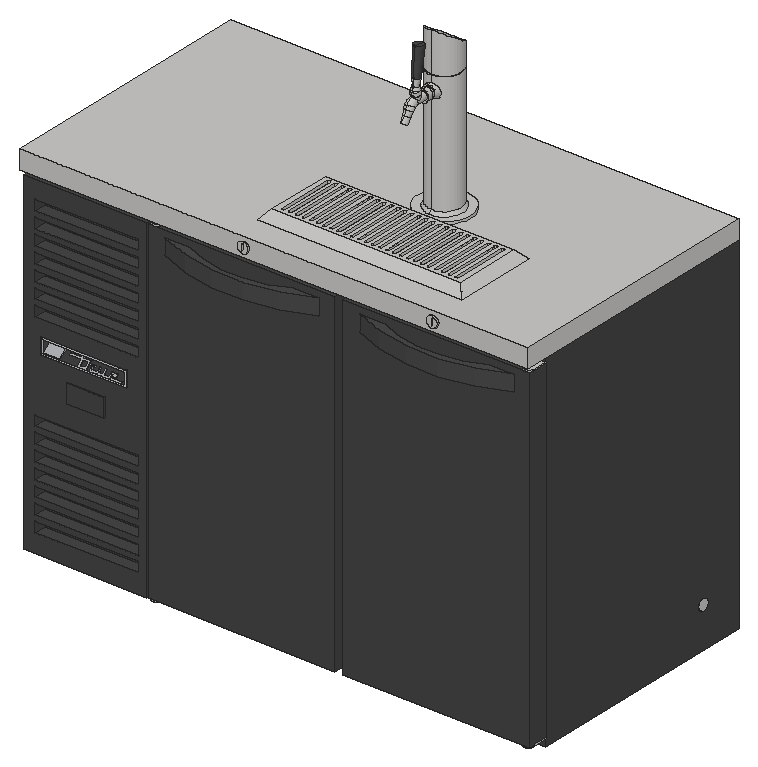
Revit family "QF_TRUE_TDR48-RISZ1-L-B-SS-1", category Specialty Equipment, Revit 2016 (continued)
Definition of nested family "TDR48-RISZ1-L-B-SS-1"
  Definition of nested family "QF_LOGO_TRUE"
    Forms (in)
      Extrusion 5, solid, not visible
        sketch origin (121.45701, -16.5, 4.98235) x (1, 0, 0) y (0, 0, 1)
          loop
            arc (29.12621, 34.76496) -> (29.08961, 34.80242) -> (29.03739, 34.80638) r 0.0742
            arc (29.03739, 34.80638) -> (28.99747, 34.77773) -> (28.9842, 34.73042) r 0.0742
          loop
            line (29.41616, 34.97572) -> (29.28675, 34.49276) -> (29.48645, 34.49276) -> (29.61586, 34.97572) -> (29.41616, 34.97572)
          loop
            line (29.99836, 34.97572) -> (29.95192, 34.80242)
            arc (29.95192, 34.80242) -> (29.94473, 34.85705) -> (29.90102, 34.89059) r 0.07199
            arc (29.90102, 34.89059) -> (29.80023, 34.89941) -> (29.70251, 34.87322) r 0.29131
            arc (29.70251, 34.87322) -> (29.61806, 34.7652) -> (29.5896, 34.63108) r 0.30433
            line (29.5896, 34.63108) -> (29.5896, 34.55572)
            arc (29.5896, 34.55572) -> (29.61075, 34.50463) -> (29.66184, 34.48348) r 0.07224
            line (29.66184, 34.48348) -> (29.78537, 34.48348)
            arc (29.78537, 34.48348) -> (29.83854, 34.51313) -> (29.88504, 34.55243) r 0.31609
            line (29.88504, 34.55243) -> (29.86905, 34.49276) -> (30.05973, 34.49276) -> (30.18914, 34.97572) -> (29.99836, 34.97572)
          loop
            arc (29.84537, 34.75931) -> (29.79424, 34.71128) -> (29.77745, 34.64317) r 0.12371
            arc (29.77745, 34.64317) -> (29.80071, 34.59901) -> (29.85056, 34.59647) r 0.05045
            arc (29.85056, 34.59647) -> (29.90141, 34.64047) -> (29.92536, 34.7033) r 0.13769
            arc (29.92536, 34.7033) -> (29.90211, 34.75521) -> (29.84537, 34.75931) r 0.05543
          loop
            line (26.45047, 35.26762) -> (26.58211, 35.26762)
            arc (26.58211, 35.26762) -> (26.60467, 35.30821) -> (26.62126, 35.35157) r 0.3277
            arc (26.62126, 35.35157) -> (26.62714, 35.39992) -> (26.60877, 35.44503) r 0.09693
            arc (26.60877, 35.44503) -> (26.56454, 35.48868) -> (26.50462, 35.50516) r 0.12312
            arc (26.50462, 35.50516) -> (26.44158, 35.50565) -> (26.37854, 35.50546) r 5.76967
            arc (26.37854, 35.50546) -> (26.07462, 35.42923) -> (25.81045, 35.26076) r 0.97743
            line (25.81045, 35.26076) -> (25.85921, 35.26076)
            arc (25.85921, 35.26076) -> (26.08494, 35.39361) -> (26.3396, 35.45485) r 0.88817
            arc (26.3396, 35.45485) -> (26.41429, 35.44188) -> (26.47267, 35.39352) r 0.14748
            arc (26.47267, 35.39352) -> (26.48041, 35.32725) -> (26.45047, 35.26762) r 0.11636
          loop
            arc (26.35412, 35.17841) -> (26.19578, 35.0555) -> (26.00982, 34.98069) r 0.72453
            arc (26.00982, 34.98069) -> (25.9036, 34.95581) -> (25.79459, 34.9604) r 0.40201
            arc (25.79459, 34.9604) -> (25.7275, 34.98819) -> (25.69972, 35.05528) r 0.09488
            arc (25.69972, 35.05528) -> (25.71867, 35.12629) -> (25.77049, 35.17841) r 0.1425
            line (25.77049, 35.17841) -> (25.73665, 35.18748)
            arc (25.73665, 35.18748) -> (25.67632, 35.09876) -> (25.66924, 34.99171) r 0.20432
            arc (25.66924, 34.99171) -> (25.71443, 34.9227) -> (25.79473, 34.90384) r 0.11116
            arc (25.79473, 34.90384) -> (25.91172, 34.89904) -> (26.02716, 34.91862) r 0.56145
            arc (26.02716, 34.91862) -> (26.27675, 35.021) -> (26.49584, 35.17841) r 1.15683
            line (26.49584, 35.17841) -> (26.35412, 35.17841)
        from 31.54261 to 31.56272
    Dimensions and locks (in)
      aligned and locked: level to plane 2
      aligned and locked: Extrusion 2 to Extrusion 3  (x2)
      aligned and locked: Extrusion 2 sketch curve to Extrusion 3
Definition of nested family "CASTORS & LEGS"
  Parameters (values of type "CASTORS & LEGS")
    Weight = ""
    URL Manufacturer = ""
    URL Cutsheet = ""
    URL = ""
    Type Mark [instance] = ""
    Status [instance] = ""
    Specification by User [instance] = ""
    Specification by Manufacturer = ""
    Show Legs with Flandge [instance] = yes
    Show Legs [instance] = yes
    Show Leg Levelers [instance] = yes
    Show 1 Inch Rollers [instance] = yes
    Show 5 Inches Castors [instance] = yes
    Show 4 Inches Castors [instance] = yes
    Show 3 Inches Castors [instance] = yes
    Show 2 Inches Castors [instance] = yes
    Serial Number = ""
    Seismic Rating = ""
    SMACNA No = ""
    Revision Code [instance] = ""
    Omniclass Number and Title = ""
    NAFEM Spec ID Number = ""
    Model = ""
    MasterSpec. = ""
    Manufacturer = ""
    Item Number [instance] = ""
    Installed By [instance] = ""
    Identify Quantity as Lot [instance] = yes
    Furnished By [instance] = ""
    Foodservice Equipment Identifier [instance] = yes
    Description = ""
    CSI MasterFormat = ""
    CSI Master Format = ""
    Assembly Code = ""
  Reference planes (in)
    plane 1: z = 0
    plane 2 "RIGHT": x = 0
    plane 3 "FRONT": y = 0
    plane 4 "TOP": z = 4
    plane 5: z = 5.75
    plane 6: z = 6
    plane 7: z = 0.875
  Forms (in)
    Revolve 1, solid, visible <- "Show Legs"
      sketch origin (11.12172, 0, 0) x (-1, 0, 0) y (0, 0, -1)
        loop
          line (11.12172, -6) -> (11.12172, 0) -> (10.62172, 0) -> (10.62172, -0.5) -> (10.37172, -0.5) -> (10.37172, -6) -> (11.12172, -6)
        axis (11.12172, 0) -> (11.12172, -6)
      angle from 0 to 360
    Revolve 2, solid, visible <- "Show Legs with Flandge"
      sketch origin (11.12172, 0, 0) x (-1, 0, 0) y (0, 0, -1)
        loop
          line (11.12172, -6) -> (11.12172, 0) -> (9.87172, 0) -> (9.87172, -0.25) -> (10.62172, -0.25) -> (10.62172, -0.5) -> (10.37172, -0.5) -> (10.37172, -6) -> (11.12172, -6)
        axis (11.12172, 0) -> (11.12172, -6)
      angle from 0 to 360
    Extrusion 3, solid, visible <- "Show Leg Levelers"
      sketch origin (0, 0, 0) x (1, 0, 0) y (0, 1, 0)
        loop
          circle (0, 0) r 0.75
      from 0 to 0.25
  Dimensions and locks (in)
    plane 4 "TOP" to level = 4"  (x2)
    locked: Revolve 1 sketch curve to Revolve 1 sketch curve at 0.5
    locked: Revolve 1 sketch curve to Revolve 1 sketch curve at 0.75
    locked: Revolve 2 sketch curve to Revolve 2 sketch curve at 0.75
    plane 5 to level = 5 3/4"
    plane 6 to plane 1 = 6"
    nested 1 to plane 1 = 3 1/8"
    nested 3 to level = 5"
    aligned and locked: level to plane 1
  Nested families (in)
    nested 1: "3 INCHES 01_CASTER" at (0, 0, 0), visible <- "Show 2 Inches Castors", type "3 INCHES 01_CASTER"
      with Type Mark "", Specification by User "", Revision Code "", Item Number "", Installed By "", Identify Quantity as Lot yes, Furnished By "", Foodservice Equipment Identifier yes, 3 Inches Caster yes
    nested 2: "HATCO_4 INCHES_CASTER" at (0, -0.75, 0), Show 4 Inches Caster <- "Show 3 Inches Castors", type "HATCO_4 INCHES_CASTER"
      with Type Mark "", Specification by User "", Show 4 Inches Caster yes, Revision Code "", Item Number "", Installed By "", Identify Quantity as Lot yes, Furnished By "", Foodservice Equipment Identifier yes
    nested 3: "5 INCHES 01_CASTER" at (0, 0, 0), visible <- "Show 4 Inches Castors", type "5 INCHES 01_CASTER"
      with Type Mark "", Specification by User "", Show 5" Casters yes, Revision Code "", Key Locks yes, Item Number "", Installed By "", Identify Quantity as Lot yes, Furnished By "", Foodservice Equipment Identifier yes
    nested 4: "7-8 INCHES_CASTER" at (0, 0, 0), visible <- "Show 1 Inch Rollers", type "7-8 INCHES_CASTER"
      with Type Mark "", Specification by User "", Revision Code "", Item Number "", Installed By "", Identify Quantity as Lot yes, Furnished By "", Foodservice Equipment Identifier yes, 2.5 Inches Caster yes
    nested 5: "6 INCHES 02_CASTER" at (0, 0, 0), visible <- "Show 5 Inches Castors", Show Casters <- "Show 5 Inches Castors", type "6 INCHES 02_CASTER"
      with Type Mark "", Specification by User "", Show Casters yes, Revision Code "", Item Number "", Installed By "", Identify Quantity as Lot yes, Furnished By "", Foodservice Equipment Identifier yes
  Definition of nested family "3 INCHES 01_CASTER"
    Parameters (values of type "3 INCHES 01_CASTER")
      Weight = ""
      URL Manufacturer = ""
      URL Cutsheet = ""
      URL = ""
      Type Mark [instance] = ""
      Specification by User [instance] = ""
      Specification by Manufacturer = ""
      Serial Number = ""
      Seismic Rating = ""
      SMACNA No = ""
      Revision Code [instance] = ""
      Omniclass Number and Title = ""
      NAFEM Spec ID Number = ""
      Model = ""
      MasterSpec. = ""
      Manufacturer = ""
      Item Number [instance] = ""
      Installed By [instance] = ""
      Identify Quantity as Lot [instance] = yes
      Furnished By [instance] = ""
      Foodservice Equipment Identifier [instance] = yes
      Description = ""
      CSI MasterFormat = ""
      CSI Master Format = ""
      Assembly Code = ""
      3 Inches Caster [instance] = yes
    Reference planes (in)
      plane 1: z = 0
      plane 2 "RIGHT": x = 0
      plane 3 "FRONT": y = 0
      plane 4 "TOP": z = 3.125
    Forms (in)
      Revolve 1, solid, visible <- "3 Inches Caster"
        sketch origin (-1.93794, 0.56004, -1.0041) x (1, 0, 0) y (0, 0, 1)
          loop
            line (0.74055, 2.11347) -> (0.74055, 2.03797) -> (0.79055, 1.98797) -> (0.85055, 1.98797) -> (0.85055, 1.8679) -> (1.235, 1.8679) -> (1.235, 1.7068) -> (1.36441, 1.63209) -> (1.4003, 1.41035) -> (1.34375, 1.41035) -> (1.34375, 1.28535) -> (1.375, 1.28535) -> (1.375, 1.0041) -> (2.48438, 1.0041) -> (2.48438, 1.28535) -> (2.51563, 1.28535) -> (2.51563, 1.41035) -> (2.45908, 1.41035) -> (2.49553, 1.6356) -> (2.62438, 1.70999) -> (2.62438, 1.8679) -> (3.04007, 1.8679) -> (3.04007, 1.98797) -> (3.10007, 1.98797) -> (3.15007, 2.03797) -> (3.15007, 2.11347) -> (0.74055, 2.11347)
          axis (0.74055, 2.11347) -> (3.15007, 2.11347)
        angle from 0 to 360
      Extrusion 2, solid, visible <- "3 Inches Caster"
        sketch origin (-1.93794, 1.35294, -3.2541) x (0, 1, 0) y (0, 0, 1)
          loop
            line (-0.41094, 5.86793) -> (-0.41094, 6.01276) -> (-2.29494, 6.01276) -> (-2.29494, 5.71244) -> (-1.82301, 5.71244)
            arc (-1.82301, 5.71244) -> (-1.00307, 5.59865) -> (-0.19592, 5.41488) r 9.6332
            arc (-0.19592, 5.41488) -> (0.12646, 5.29481) -> (0.42224, 5.11916) r 1.92059
            line (0.42224, 5.11916) -> (0.51314, 5.245)
            arc (0.51314, 5.245) -> (0.27353, 5.42569) -> (0.01201, 5.5729) r 2.25036
            line (0.01201, 5.5729) -> (0.09371, 5.71426)
            arc (0.09371, 5.71426) -> (-0.15272, 5.81043) -> (-0.41094, 5.86793) r 1.73151
        from 1.17357 to 2.70231
      Revolve 3, solid, visible <- "3 Inches Caster"
        sketch origin (0, 1.73858, -3.25) x (0, 1, 0) y (0, 0, 1)
          loop
            line (-1.73858, 6.375) -> (-1.73858, 6.00866) -> (-0.93293, 6.00866) -> (-0.93293, 6.375) -> (-1.73858, 6.375)
          axis (-1.73858, 6.00866) -> (-1.73858, 6.375)
        angle from 0 to 360
      Extrusion 4, solid, visible <- "3 Inches Caster"
        sketch origin (-1.98481, 1.35294, -1.7541) x (0, 1, 0) y (0, 0, 1)
          loop
            line (-2.29494, 4.51276) -> (-2.29494, 4.21244) -> (-2.2074, 4.21244)
            arc (-2.2074, 4.21244) -> (-1.58796, 3.87196) -> (-1.3103, 3.22193) r 1.0835
            arc (-1.3103, 3.22193) -> (-1.27304, 2.98711) -> (-1.19616, 2.76214) r 1.38462
            arc (-1.19616, 2.76214) -> (-0.77704, 2.49744) -> (-0.37393, 2.78593) r 0.44401
            arc (-0.37393, 2.78593) -> (-0.35491, 2.84407) -> (-0.34077, 2.90358) r 0.74034
            arc (-0.34077, 2.90358) -> (-0.07302, 3.38916) -> (0.4279, 3.62699) r 0.90376
            line (0.4279, 3.62699) -> (0.51314, 3.745)
            arc (0.51314, 3.745) -> (0.27353, 3.92569) -> (0.01201, 4.0729) r 2.25036
            line (0.01201, 4.0729) -> (0.09371, 4.21426)
            arc (0.09371, 4.21426) -> (-0.15272, 4.31043) -> (-0.41094, 4.36793) r 1.73151
            line (-0.41094, 4.36793) -> (-0.41094, 4.51276) -> (-2.29494, 4.51276)
        from 2.74918 to 2.90825
      Extrusion 5, solid, visible <- "3 Inches Caster"
        sketch origin (1.98481, 1.35294, -1.7541) x (0, 1, 0) y (0, 0, -1)
          loop
            line (-2.29494, -4.51276) -> (-0.41094, -4.51276) -> (-0.41094, -4.36793)
            arc (-0.41094, -4.36793) -> (-0.15272, -4.31043) -> (0.09371, -4.21426) r 1.73151
            line (0.09371, -4.21426) -> (0.01201, -4.0729)
            arc (0.01201, -4.0729) -> (0.27353, -3.92569) -> (0.51314, -3.745) r 2.25036
            line (0.51314, -3.745) -> (0.4279, -3.62699)
            arc (0.4279, -3.62699) -> (-0.07302, -3.38916) -> (-0.34077, -2.90358) r 0.90376
            arc (-0.34077, -2.90358) -> (-0.35491, -2.84407) -> (-0.37393, -2.78593) r 0.74034
            arc (-0.37393, -2.78593) -> (-0.77704, -2.49744) -> (-1.19616, -2.76214) r 0.44401
            arc (-1.19616, -2.76214) -> (-1.27304, -2.98711) -> (-1.3103, -3.22193) r 1.38462
            arc (-1.3103, -3.22193) -> (-1.58796, -3.87196) -> (-2.2074, -4.21244) r 1.0835
            line (-2.2074, -4.21244) -> (-2.29494, -4.21244) -> (-2.29494, -4.51276)
        from 2.74918 to 2.90825
    Cuts and joins
      joined: Extrusion 2, Extrusion 4, Extrusion 5
    Lines and regions (in)
      symbolic lines, visible <- "3 Inches Caster"
        curve 1: line (0.1877, 1.65194, 0) -> (0.89063, 1.2461, 0)
        curve 2: line (-1.00175, -0.40823, 0) -> (0.1877, 1.65194, 0)
        curve 3: line (-0.29881, -0.81407, 0) -> (-1.00175, -0.40823, 0)
        curve 4: line (0.89063, 1.2461, 0) -> (-0.29881, -0.81407, 0)
    Dimensions and locks (in)
      plane 4 "TOP" to level = 3 1/8"  (x2)
      aligned and locked: level to plane 1
  Definition of nested family "HATCO_4 INCHES_CASTER"
    Parameters (values of type "HATCO_4 INCHES_CASTER")
      URL Manufacturer = ""
      URL Cutsheet = ""
      URL = ""
      Type Mark [instance] = ""
      Specification by User [instance] = ""
      Specification by Manufacturer = ""
      Serial Number = ""
      Seismic Rating = ""
      SMACNA No = ""
      Revision Code [instance] = ""
      Omniclass Number and Title = ""
      NAFEM Spec ID Number = ""
      Model = ""
      Manufacturer = ""
      Item Number [instance] = ""
      Installed By [instance] = ""
      Identify Quantity as Lot [instance] = yes
      Furnished By [instance] = ""
      Foodservice Equipment Identifier [instance] = yes
      Description = ""
      CSI MasterFormat = ""
      CSI Master Format = ""
      Assembly Code = ""
      Show 4 Inches Caster [instance] = yes
    Reference planes (in)
      plane 1: z = 0
      plane 2 "RIGHT": x = 0
      plane 3 "FRONT": y = 0
      plane 4 "TOP": z = 4
    Forms (in)
      Revolve 1, solid, visible <- "Show 4 Inches Caster"
        sketch origin (-1.93794, 0.83816, -1.0041) x (1, 0, 0) y (0, 0, 1)
          loop
            line (0.74055, 2.5041) -> (3.15007, 2.5041) -> (3.15007, 2.5796) -> (3.10007, 2.6296) -> (3.04007, 2.6296) -> (3.04007, 2.74967) -> (2.62438, 2.74967) -> (2.62438, 2.93884) -> (2.48438, 3.01967) -> (2.45908, 3.17597) -> (2.51563, 3.17597) -> (2.51563, 3.41035) -> (2.48438, 3.41035) -> (2.48438, 4.0041) -> (1.375, 4.0041) -> (1.375, 3.41035) -> (1.34375, 3.41035) -> (1.34375, 3.17597) -> (1.4003, 3.17597) -> (1.37557, 3.02318) -> (1.235, 2.94202) -> (1.235, 2.74967) -> (0.85055, 2.74967) -> (0.85055, 2.6296) -> (0.79055, 2.6296) -> (0.74055, 2.5796) -> (0.74055, 2.5041)
          axis (0.74055, 2.5041) -> (3.15007, 2.5041)
        angle from 0 to 360
      Extrusion 2, solid, visible <- "Show 4 Inches Caster"
        sketch origin (-1.93794, 1.80294, -1.7541) x (0, 1, 0) y (0, 0, 1)
          loop
            line (-3.08794, 5.33423) -> (-3.08794, 5.00584) -> (-2.69466, 5.00584)
            arc (-2.69466, 5.00584) -> (-1.57175, 4.94895) -> (-0.46376, 4.75787) r 9.36411
            arc (-0.46376, 4.75787) -> (-0.05889, 4.58436) -> (0.28335, 4.30705) r 1.60049
            line (0.28335, 4.30705) -> (0.34449, 4.39437)
            arc (0.34449, 4.39437) -> (0.12713, 4.6163) -> (-0.1239, 4.79931) r 1.8753
            line (-0.1239, 4.79931) -> (-0.05749, 4.91421)
            arc (-0.05749, 4.91421) -> (-0.33807, 5.05694) -> (-0.64294, 5.13542) r 1.44292
            line (-0.64294, 5.13542) -> (-0.64294, 5.33423) -> (-3.08794, 5.33423)
        from 1.1267 to 2.74918
      Revolve 3, solid, visible <- "Show 4 Inches Caster"
        sketch origin (0, 2.15543, -2.25) x (0, 1, 0) y (0, 0, 1)
          loop
            line (-2.21793, 6.25) -> (-2.21793, 5.83014) -> (-1.05793, 5.83014) -> (-1.05793, 6.25) -> (-2.21793, 6.25)
          axis (-2.21793, 5.83014) -> (-2.21793, 6.25)
        angle from 0 to 360
      Extrusion 4, solid, visible <- "Show 4 Inches Caster"
        sketch origin (-1.93794, 1.80294, -1.7541) x (0, 1, 0) y (0, 0, 1)
          loop
            line (-3.08794, 5.33423) -> (-3.08794, 5.00584) -> (-2.8913, 5.00584)
            arc (-2.8913, 5.00584) -> (-2.09118, 4.14057) -> (-1.45681, 3.14736) r 6.63355
            arc (-1.45681, 3.14736) -> (-0.85703, 2.75969) -> (-0.4561, 3.35069) r 0.5107
            arc (-0.4561, 3.35069) -> (-0.27092, 3.92503) -> (0.24034, 4.24562) r 0.88136
            line (0.24034, 4.24562) -> (0.34449, 4.39437)
            arc (0.34449, 4.39437) -> (0.12713, 4.6163) -> (-0.1239, 4.79931) r 1.8753
            line (-0.1239, 4.79931) -> (-0.05749, 4.91421)
            arc (-0.05749, 4.91421) -> (-0.33807, 5.05694) -> (-0.64294, 5.13542) r 1.44292
            line (-0.64294, 5.13542) -> (-0.64294, 5.33423) -> (-3.08794, 5.33423)
        from 2.74918 to 2.90825
      Extrusion 5, solid, visible <- "Show 4 Inches Caster"
        sketch origin (1.93794, 1.80294, -1.7541) x (0, 1, 0) y (0, 0, -1)
          loop
            line (-3.08794, -5.33423) -> (-0.64294, -5.33423) -> (-0.64294, -5.13542)
            arc (-0.64294, -5.13542) -> (-0.33807, -5.05694) -> (-0.05749, -4.91421) r 1.44292
            line (-0.05749, -4.91421) -> (-0.1239, -4.79931)
            arc (-0.1239, -4.79931) -> (0.12713, -4.6163) -> (0.34449, -4.39437) r 1.8753
            line (0.34449, -4.39437) -> (0.24034, -4.24562)
            arc (0.24034, -4.24562) -> (-0.27092, -3.92503) -> (-0.4561, -3.35069) r 0.88136
            arc (-0.4561, -3.35069) -> (-0.85703, -2.75969) -> (-1.45681, -3.14736) r 0.5107
            arc (-1.45681, -3.14736) -> (-2.09118, -4.14057) -> (-2.8913, -5.00584) r 6.63355
            line (-2.8913, -5.00584) -> (-3.08794, -5.00584) -> (-3.08794, -5.33423)
        from 2.74918 to 2.90825
    Cuts and joins
      joined: Extrusion 2, Extrusion 4, Extrusion 5
    Lines and regions (in)
      symbolic lines, visible <- "Show 4 Inches Caster"
        curve 1: line (0.28481, 2.83041, 0) -> (1.24556, 2.27572, 0)
        curve 2: line (-1.26206, 0.15114, 0) -> (-0.69281, 1.13711, 0)
        curve 3: line (-0.30132, -0.40355, 0) -> (-1.26206, 0.15114, 0)
        curve 4: line (1.24556, 2.27572, 0) -> (0.69868, 1.3285, 0)
        curve 5: line (-0.2461, 1.91084, 0) -> (0.28481, 2.83041, 0)
        curve 6: line (0.19868, 0.46248, 0) -> (-0.30132, -0.40355, 0)
    Dimensions and locks (in)
      plane 4 "TOP" to level = 4"  (x2)
      aligned and locked: level to plane 1
  Definition of nested family "5 INCHES 01_CASTER"
    Parameters (values of type "5 INCHES 01_CASTER")
      Weight = ""
      URL Manufacturer = ""
      URL Cutsheet = ""
      URL = ""
      Type Mark [instance] = ""
      Specification by User [instance] = ""
      Specification by Manufacturer = ""
      Show 5" Casters [instance] = yes
      Serial Number = ""
      Seismic Rating = ""
      SMACNA No = ""
      Revision Code [instance] = ""
      Omniclass Number and Title = ""
      NAFEM Spec ID Number = ""
      Model = ""
      MasterSpec. = ""
      Manufacturer = ""
      Key Locks [instance] = yes
      Item Number [instance] = ""
      Installed By [instance] = ""
      Identify Quantity as Lot [instance] = yes
      Furnished By [instance] = ""
      Foodservice Equipment Identifier [instance] = yes
      Description = ""
      CSI MasterFormat = ""
      CSI Master Format = ""
      Assembly Code = ""
    Reference planes (in)
      plane 1: z = 0
      plane 2 "RIGHT": x = 0
      plane 3 "FRONT": y = 0
      plane 4 "TOP": z = 5
    Forms (in)
      Revolve 1, solid, visible <- "Show 5" Casters"
        sketch origin (-1.93794, 0.99859, -1.0041) x (1, 0, 0) y (0, 0, 1)
          loop
            line (0.74055, 3.0041) -> (0.74055, 2.9286) -> (0.79055, 2.8786) -> (0.85055, 2.8786) -> (0.85055, 2.75852) -> (1.235, 2.75852) -> (1.235, 2.56618) -> (1.37557, 2.48502) -> (1.49133, 1.76972) -> (1.34375, 1.76972) -> (1.34375, 1.53535) -> (1.375, 1.53535) -> (1.375, 1.0041) -> (2.48438, 1.0041) -> (2.48438, 1.53535) -> (2.51563, 1.53535) -> (2.51563, 1.76972) -> (2.36805, 1.76972) -> (2.48438, 2.48853) -> (2.62438, 2.56936) -> (2.62438, 2.75852) -> (3.04007, 2.75852) -> (3.04007, 2.8786) -> (3.10007, 2.8786) -> (3.15007, 2.9286) -> (3.15007, 3.0041) -> (0.74055, 3.0041)
          axis (0.74055, 3.0041) -> (3.15007, 3.0041)
        angle from 0 to 360
      Extrusion 2, solid, visible <- "Show 5" Casters"
        sketch origin (-1.93794, 1.96337, -0.7541) x (0, 1, 0) y (0, 0, 1)
          loop
            line (-3.37739, 5.33423) -> (-3.37739, 4.92712) -> (-2.49294, 4.92712)
            arc (-2.49294, 4.92712) -> (-1.47209, 4.91752) -> (-0.46376, 4.75787) r 6.92153
            arc (-0.46376, 4.75787) -> (0.14199, 4.53396) -> (0.67481, 4.16904) r 2.62713
            line (0.67481, 4.16904) -> (0.7876, 4.33012)
            arc (0.7876, 4.33012) -> (0.48098, 4.5674) -> (0.13288, 4.73811) r 1.91675
            line (0.13288, 4.73811) -> (0.21197, 4.87494)
            arc (0.21197, 4.87494) -> (-0.1576, 5.02102) -> (-0.54934, 5.08775) r 1.91675
            line (-0.54934, 5.08775) -> (-0.54934, 5.33423) -> (-3.37739, 5.33423)
        from 1.17357 to 2.70231
      Revolve 3, solid, visible <- "Show 5" Casters"
        sketch origin (0, 2.15543, -1.25) x (0, 1, 0) y (0, 0, 1)
          loop
            line (-2.21793, 6.25) -> (-2.21793, 5.83014) -> (-1.05793, 5.83014) -> (-1.05793, 6.25) -> (-2.21793, 6.25)
          axis (-2.21793, 5.83014) -> (-2.21793, 6.25)
        angle from 0 to 360
      Extrusion 4, solid, visible <- "Show 5" Casters"
        sketch origin (-1.98481, 1.96337, -0.7541) x (0, 1, 0) y (0, 0, 1)
          loop
            line (-3.37739, 5.33423) -> (-3.37739, 4.92712) -> (-3.13361, 4.92712)
            arc (-3.13361, 4.92712) -> (-2.12623, 3.92533) -> (-1.55834, 2.62307) r 3.79122
            arc (-1.55834, 2.62307) -> (-0.81477, 2.14247) -> (-0.31772, 2.87515) r 0.63314
            arc (-0.31772, 2.87515) -> (-0.02244, 3.67728) -> (0.68637, 4.15498) r 1.39003
            line (0.68637, 4.15498) -> (0.7876, 4.33012)
            arc (0.7876, 4.33012) -> (0.48098, 4.5674) -> (0.13288, 4.73811) r 1.91675
            line (0.13288, 4.73811) -> (0.21197, 4.87494)
            arc (0.21197, 4.87494) -> (-0.1576, 5.02102) -> (-0.54934, 5.08775) r 1.91675
            line (-0.54934, 5.08775) -> (-0.54934, 5.33423) -> (-3.37739, 5.33423)
        from 2.74918 to 2.90825
      Extrusion 5, solid, visible <- "Show 5" Casters"
        sketch origin (1.98481, 1.96337, -0.7541) x (0, 1, 0) y (0, 0, -1)
          loop
            line (-3.37739, -5.33423) -> (-0.54934, -5.33423) -> (-0.54934, -5.08775)
            arc (-0.54934, -5.08775) -> (-0.1576, -5.02102) -> (0.21197, -4.87494) r 1.91675
            line (0.21197, -4.87494) -> (0.13288, -4.73811)
            arc (0.13288, -4.73811) -> (0.48098, -4.5674) -> (0.7876, -4.33012) r 1.91675
            line (0.7876, -4.33012) -> (0.68637, -4.15498)
            arc (0.68637, -4.15498) -> (-0.02244, -3.67728) -> (-0.31772, -2.87515) r 1.39003
            arc (-0.31772, -2.87515) -> (-0.81477, -2.14247) -> (-1.55834, -2.62307) r 0.63314
            arc (-1.55834, -2.62307) -> (-2.12623, -3.92533) -> (-3.13361, -4.92712) r 3.79122
            line (-3.13361, -4.92712) -> (-3.37739, -4.92712) -> (-3.37739, -5.33423)
        from 2.74918 to 2.90825
    Cuts and joins
      joined: Extrusion 2, Extrusion 4, Extrusion 5
    Lines and regions (in)
      symbolic lines, visible <- "Show 5" Casters"
        curve 1: line (0.54262, 2.21348, 0) -> (1.50337, 1.65879, 0)
        curve 2: line (-1.45738, -1.25062, 0) -> (-0.70738, 0.04842, 0)
        curve 3: line (-0.49663, -1.80531, 0) -> (-1.45738, -1.25062, 0)
        curve 4: line (1.50337, 1.65879, 0) -> (0.75337, 0.35975, 0)
        curve 5: line (-0.20738, 0.91444, 0) -> (0.54262, 2.21348, 0)
        curve 6: line (0.25337, -0.50627, 0) -> (-0.49663, -1.80531, 0)
    Dimensions and locks (in)
      plane 4 "TOP" to level = 5"  (x2)
      aligned and locked: level to plane 1
  Definition of nested family "7-8 INCHES_CASTER"
    Parameters (values of type "7-8 INCHES_CASTER")
      Weight = ""
      URL Manufacturer = ""
      URL Cutsheet = ""
      URL = ""
      Type Mark [instance] = ""
      Specification by User [instance] = ""
      Specification by Manufacturer = ""
      Serial Number = ""
      Seismic Rating = ""
      SMACNA No = ""
      Revision Code [instance] = ""
      Omniclass Number and Title = ""
      NAFEM Spec ID Number = ""
      Model = ""
      MasterSpec. = ""
      Manufacturer = ""
      Item Number [instance] = ""
      Installed By [instance] = ""
      Identify Quantity as Lot [instance] = yes
      Furnished By [instance] = ""
      Foodservice Equipment Identifier [instance] = yes
      Description = ""
      CSI MasterFormat = ""
      CSI Master Format = ""
      Assembly Code = ""
      2.5 Inches Caster [instance] = yes
    Reference planes (in)
      plane 1: z = 0
      plane 2 "RIGHT": x = 0
      plane 3 "FRONT": y = 0
      plane 4 "TOP": z = 2.125
      plane 5: z = 0.875
    Forms (in)
      Revolve 1, solid, visible <- "2.5 Inches Caster"
        sketch origin (-1.93794, 0.16358, -1.0041) x (1, 0, 0) y (0, 0, 1)
          loop
            line (2.21963, 1.0041) -> (2.21963, 1.07441) -> (2.16308, 1.07441) -> (2.17665, 1.15827) -> (2.27369, 1.21429) -> (2.27369, 1.29531) -> (1.60219, 1.29531) -> (1.60219, 1.21429) -> (1.69923, 1.15827) -> (1.7128, 1.07441) -> (1.65625, 1.07441) -> (1.65625, 1.0041) -> (2.21963, 1.0041)
          axis (2.27369, 1.29531) -> (1.60219, 1.29531)
        angle from 0 to 360
      Extrusion 2, solid, visible <- "2.5 Inches Caster"
        sketch origin (-1.93794, 1.43296, -4.66527) x (0, 1, 0) y (0, 0, 1)
          loop
            line (-1.16673, 5.3791) -> (-1.71584, 5.3791) -> (-1.71584, 5.33314) -> (-1.62354, 5.33314)
            arc (-1.62354, 5.33314) -> (-1.55924, 5.29737) -> (-1.50495, 5.24769) r 0.31579
            line (-1.50495, 5.24769) -> (-0.93687, 5.24769)
            arc (-0.93687, 5.24769) -> (-0.98865, 5.28224) -> (-1.04346, 5.31172) r 0.65588
            line (-1.04346, 5.31172) -> (-1.01965, 5.35291)
            arc (-1.01965, 5.35291) -> (-1.09203, 5.3725) -> (-1.16673, 5.3791) r 0.4262
        from 1.60219 to 2.27369
      Revolve 3, solid, visible <- "2.5 Inches Caster"
        sketch origin (0, 1.73858, -5) x (0, 1, 0) y (0, 0, 1)
          loop
            line (-1.73858, 5.71382) -> (-1.35578, 5.71382) -> (-1.35578, 5.875) -> (-1.73858, 5.875) -> (-1.73858, 5.71382)
          axis (-1.73858, 5.71382) -> (-1.73858, 5.875)
        angle from 0 to 360
      Extrusion 4, solid, visible <- "2.5 Inches Caster"
        sketch origin (0.33575, 1.43296, -4.66527) x (0, 1, 0) y (0, 0, 1)
          loop
            line (-1.71584, 5.3791) -> (-1.71584, 5.33314) -> (-1.62354, 5.33314)
            arc (-1.62354, 5.33314) -> (-1.48788, 5.22611) -> (-1.42886, 5.06369) r 0.31579
            arc (-1.42886, 5.06369) -> (-1.418, 4.99525) -> (-1.39559, 4.92968) r 0.40356
            arc (-1.39559, 4.92968) -> (-1.27344, 4.85253) -> (-1.15595, 4.93662) r 0.12941
            arc (-1.15595, 4.93662) -> (-1.1504, 4.95356) -> (-1.14628, 4.97091) r 0.21578
            arc (-1.14628, 4.97091) -> (-1.06824, 5.11243) -> (-0.92225, 5.18175) r 0.26341
            line (-0.92225, 5.18175) -> (-0.8974, 5.21614)
            arc (-0.8974, 5.21614) -> (-0.96724, 5.26881) -> (-1.04346, 5.31172) r 0.65588
            line (-1.04346, 5.31172) -> (-1.01965, 5.35291)
            arc (-1.01965, 5.35291) -> (-1.09203, 5.3725) -> (-1.16673, 5.3791) r 0.4262
            line (-1.16673, 5.3791) -> (-1.71584, 5.3791)
        from 0 to 0.0625
      Extrusion 5, solid, visible <- "2.5 Inches Caster"
        sketch origin (-0.33575, 1.43296, -4.66527) x (0, -1, 0) y (0, 0, 1)
          loop
            line (1.71584, 5.3791) -> (1.16673, 5.3791)
            arc (1.16673, 5.3791) -> (1.09203, 5.3725) -> (1.01965, 5.35291) r 0.4262
            line (1.01965, 5.35291) -> (1.04346, 5.31172)
            arc (1.04346, 5.31172) -> (0.96724, 5.26881) -> (0.8974, 5.21614) r 0.65588
            line (0.8974, 5.21614) -> (0.92225, 5.18175)
            arc (0.92225, 5.18175) -> (1.06824, 5.11243) -> (1.14628, 4.97091) r 0.26341
            arc (1.14628, 4.97091) -> (1.1504, 4.95356) -> (1.15595, 4.93662) r 0.21578
            arc (1.15595, 4.93662) -> (1.27344, 4.85253) -> (1.39559, 4.92968) r 0.12941
            arc (1.39559, 4.92968) -> (1.418, 4.99525) -> (1.42886, 5.06369) r 0.40356
            arc (1.42886, 5.06369) -> (1.48788, 5.22611) -> (1.62354, 5.33314) r 0.31579
            line (1.62354, 5.33314) -> (1.71584, 5.33314) -> (1.71584, 5.3791)
        from 0 to 0.0625
    Lines and regions (in)
      symbolic lines, visible <- "2.5 Inches Caster"
        curve 1: line (0.14193, 0.81567, 0) -> (0.64448, 0.52552, 0)
        curve 2: line (-0.51849, -0.32822, 0) -> (0.14193, 0.81567, 0)
        curve 3: line (-0.01594, -0.61837, 0) -> (-0.51849, -0.32822, 0)
        curve 4: line (0.64448, 0.52552, 0) -> (-0.01594, -0.61837, 0)
    Dimensions and locks (in)
      plane 4 "TOP" to level = 2 1/8"  (x2)
      plane 5 to plane 1 = 7/8"
      aligned and locked: level to plane 1
  Definition of nested family "6 INCHES 02_CASTER"
    Parameters (values of type "6 INCHES 02_CASTER")
      Weight = ""
      URL Manufacturer = ""
      URL Cutsheet = ""
      URL = ""
      Type Mark [instance] = ""
      Specification by User [instance] = ""
      Specification by Manufacturer = ""
      Show Casters [instance] = yes
      Serial Number = ""
      Seismic Rating = ""
      SMACNA No = ""
      Revision Code [instance] = ""
      Omniclass Number and Title = ""
      NAFEM Spec ID Number = ""
      Model = ""
      MasterSpec. = ""
      Manufacturer = ""
      Item Number [instance] = ""
      Installed By [instance] = ""
      Identify Quantity as Lot [instance] = yes
      Furnished By [instance] = ""
      Foodservice Equipment Identifier [instance] = yes
      Description = ""
      CSI MasterFormat = ""
      CSI Master Format = ""
    Reference planes (in)
      plane 1 "BACK": y = 0
      plane 2: z = 0
      plane 3 "LEFT": x = 0
      plane 4 "RIGHT": x = 0
      plane 5 "FRONT": y = 0
      plane 6 "TOP": z = 6.0625
    Forms (in)
      Revolve 1, solid, visible <- "Show Casters"
        sketch origin (-2.21793, 0, -0.25) x (-1, 0, 0) y (0, 0, 1)
          loop
            line (-2.21793, 6) -> (-2.21793, 5.55584) -> (-0.93693, 5.55584) -> (-0.93693, 6) -> (-2.21793, 6)
          axis (-2.21793, 5.55584) -> (-2.21793, 6)
        angle from 0 to 360
      Extrusion 2, solid, visible <- "Show Casters"
        sketch origin (0.25594, 2.08988, -0.1875) x (0, 1, 0) y (0, 0, 1)
          loop
            line (-3.37793, 5.49334) -> (-3.37793, 5.24334) -> (-1.67236, 2.30765)
            arc (-1.67236, 2.30765) -> (-0.65502, 1.97635) -> (-0.25363, 2.96812) r 0.78437
            line (-0.25363, 2.96812) -> (-0.80182, 5.49334) -> (-3.37793, 5.49334)
        from 0.78968 to 0.90247
      Extrusion 3, solid, visible <- "Show Casters"
        sketch origin (0, 0, 5.75) x (0, 1, 0) y (-1, 0, 0)
          loop
            circle (0, 0) r 0.75
        from 0 to 0.3125
      Extrusion 4, solid, visible <- "Show Casters"
        sketch origin (-0.25594, 2.08988, -0.1875) x (0, 1, 0) y (0, 0, -1)
          loop
            line (-3.37793, -5.24334) -> (-3.37793, -5.49334) -> (-0.80182, -5.49334) -> (-0.25363, -2.96812)
            arc (-0.25363, -2.96812) -> (-0.65502, -1.97635) -> (-1.67236, -2.30765) r 0.78437
            line (-1.67236, -2.30765) -> (-3.37793, -5.24334)
        from 0.78968 to 0.90247
      Extrusion 5, solid, visible <- "Show Casters"
        sketch origin (0, -0.12806, 0.75) x (0, 1, 0) y (0, 0, 1)
          loop
            line (-1.16, 4.55584) -> (-1.16, 4.30584) -> (1.41611, 4.30584) -> (1.41611, 4.55584) -> (-1.16, 4.55584)
        from -1.04562 to 1.04562
      Revolve 6, solid, visible <- "Show Casters"
        sketch origin (-1.9375, 1.11772, -0.12802) x (1, 0, 0) y (0, 0, 1)
          loop
            line (0.5843, 2.5666) -> (0.5843, 2.4286) -> (0.6343, 2.3786) -> (0.6943, 2.3786) -> (0.6943, 2.2429) -> (1.1725, 2.2429) -> (1.1725, 1.84743) -> (1.30191, 1.77271) -> (1.42647, 1.00302) -> (1.28125, 1.00302) -> (1.28125, 0.75302) -> (1.3125, 0.75302) -> (1.3125, 0.50302)
            arc (1.3125, 0.50302) -> (1.42233, 0.23785) -> (1.6875, 0.12802) r 0.375
            line (1.6875, 0.12802) -> (2.1875, 0.12802)
            arc (2.1875, 0.12802) -> (2.45267, 0.23785) -> (2.5625, 0.50302) r 0.375
            line (2.5625, 0.50302) -> (2.5625, 0.75302) -> (2.59375, 0.75302) -> (2.59375, 1.00302) -> (2.44853, 1.00302) -> (2.57366, 1.77622) -> (2.7025, 1.85061) -> (2.7025, 2.2429) -> (3.1807, 2.2429) -> (3.1807, 2.3786) -> (3.2407, 2.3786) -> (3.2907, 2.4286) -> (3.2907, 2.5666) -> (0.5843, 2.5666)
          axis (0.5843, 2.5666) -> (3.2907, 2.5666)
        angle from 0 to 360
    Cuts and joins
      joined: Extrusion 2, Extrusion 4, Extrusion 5
    Lines and regions (in)
      symbolic lines, visible <- "Show Casters"
        curve 1: line (0.45873, 2.04243, 0) -> (1.54127, 1.41743, 0)
        curve 2: line (-1.54127, -1.42167, 0) -> (-0.79127, -0.12263, 0)
        curve 3: line (-0.45873, -2.04667, 0) -> (-1.54127, -1.42167, 0)
        curve 4: line (1.54127, 1.41743, 0) -> (0.79127, 0.11839, 0)
        curve 5: line (-0.29127, 0.74339, 0) -> (0.45873, 2.04243, 0)
        curve 6: line (0.29127, -0.74763, 0) -> (-0.45873, -2.04667, 0)
    Dimensions and locks (in)
      plane 6 "TOP" to level = 6 1/16"
      locked: plane 6 "TOP" to level at 6.0625
      aligned and locked: level to plane 2
